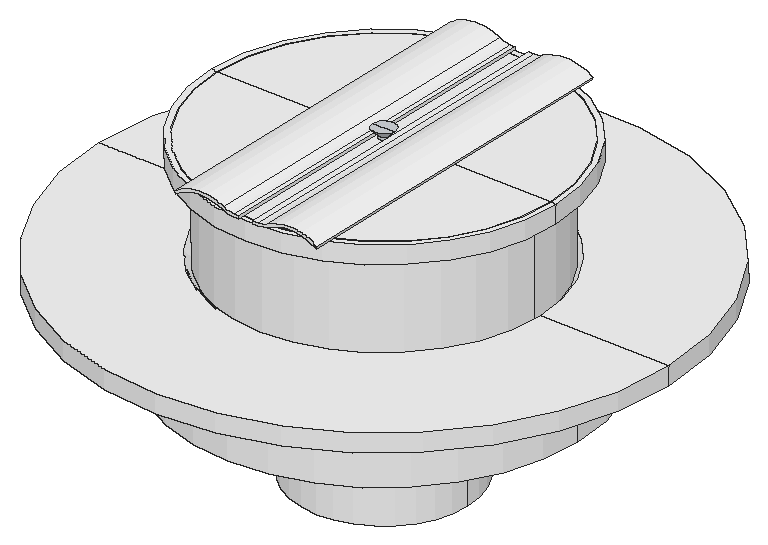
Revit family "C1100-RC", category Plumbing Fixtures, host Face, Revit 2026
Family settings
  Host = Face
  Round Connector Dimension = Use Radius
  Part Type = Normal
  Classification Number = 23.45.55.21
  Enable Cutting in Views = No
  Cut with Voids When Loaded = No
  Maintain Annotation Orientation = No
  Shared = No
  Room Calculation Point = No
Parameters (values of type "2"")
  WFU = 0
  URL = "WWW.MIFAB.COM"
  Top Assembly Height = 1.650"
  Strainer Radius = Stainer Diameter / 2  # 3.176"
  Stainer Diameter = 6.352"
  Pipe Radius = Pipe Diameter / 2  # 1.000"
  Pipe Diameter = 2.000"
  Model = "C1100-RC"
  Manufacturer = "MIFAB"
  Floor Drain Material = Paint - Sherwin Williams Paint - #952C2A - Bellwood Red
  Description = "FLOOR CLEANOUT WITH CARPET MARKER ROUND ADJUSTABLE COVER AND PLUG"
  Default Elevation = 0.000"
  Body Height = 2.750"
Types (4): name | Pipe Radius | Pipe Diameter
  (no name) | 1.000" | 2.000"
  3" | 1.500" | 3.000"
  2" | 1.000" | 2.000"
  4" | 2.000" | 4.000"
Reference planes (in)
  plane 1 "Center (Front/Back)": y = 0
  plane 2: z = 0
  plane 3 "Center (Left/Right)": x = 0
  plane 4: x = -3.176
  plane 5: x = 3.176
  plane 6: x = -1
  plane 7: x = 1
  plane 8: z = -4.4
  plane 9: z = -1.65
  plane 10: z = 0
  plane 11: z = 0
Forms (in)
  Revolve 1, solid, material "Paint - Sherwin Williams Paint - #952C2A - Bellwood Red" <- "Floor Drain Material"
    sketch origin (0, 0, 0) x (1, 0, 0) y (0, 0, 1)
      loop
        line (-2.12, -1.73) -> (-2.2, -1.65) -> (-4, -1.65) -> (-4, -1.9) -> (-2.73, -1.9) -> (-2.73, -3.05) -> (-2.5, -3.05) -> (-1.18, -3.4) -> (-1.18, -4.4) -> (-1, -4.4) -> (-1, -3.26151) -> (-2.32, -2.91151) -> (-2.32, -1.9) -> (-2.2, -1.9) -> (-2.12, -1.82) -> (-2.12, -1.73)
      axis (0, -4.4) -> (0, -1.65)
    angle from 0 to 360
  Revolve 2, solid, material "Paint - Sherwin Williams Paint - #952C2A - Bellwood Red" <- "Floor Drain Material"
    sketch origin (0, 0, 0) x (1, 0, 0) y (0, 0, 1)
      loop
        line (-2.34014, -0.16966) -> (-2.42014, -0.16966) -> (-2.42014, -0.41966) -> (-2.12014, -0.41966) -> (-2.12014, -1.99221) -> (-2.04014, -2.06966) -> (-1.97014, -2.06966) -> (-1.97014, -0.32966) -> (-2.34014, -0.32966) -> (-2.34014, -0.16966)
      axis (0, -0.16966) -> (0, -2.06966)
    angle from 0 to 360
  Revolve 3, solid
    sketch origin (0, 0, 0) x (1, 0, 0) y (0, 0, 1)
      loop
        line (0, -1.05366) -> (0, -0.05366) -> (-0.15, -0.05366) -> (-0.07, -0.13366) -> (-0.07, -1.05366) -> (0, -1.05366)
      axis (0, -0.05366) -> (0, -1.05366)
    angle from 0 to 360
  Revolve 4, solid, material "Paint - Sherwin Williams Paint - #952C2A - Bellwood Red" <- "Floor Drain Material"
    sketch origin (0, 0, 0) x (1, 0, 0) y (0, 0, 1)
      loop
        line (-2.34014, -0.16966) -> (-2.34014, -0.32966) -> (0, -0.32966) -> (0, -0.16966) -> (-2.34014, -0.16966)
      axis (0, -0.16966) -> (0, -0.32966)
    angle from 0 to 360
  Extrusion 5, solid, material "Paint - Sherwin Williams Paint - #952C2A - Bellwood Red" <- "Floor Drain Material"
    sketch origin (0, 0, 0.00021) x (1, 0, 0) y (0, 0, 1)
      loop
        arc (-0.30866, -0.09854) -> (-0.65918, -0.02053) -> (-1, -0.13366) r 0.67378
        line (-1, -0.13366) -> (-0.98889, -0.16966)
        arc (-0.98889, -0.16966) -> (-0.66275, -0.05678) -> (-0.32556, -0.13032) r 0.63778
        arc (-0.32556, -0.13032) -> (-0.24839, -0.15682) -> (-0.16781, -0.16966) r 0.47319
        line (-0.16781, -0.16966) -> (-0.1, -0.16966) -> (-0.1, -0.13366) -> (-0.16781, -0.13366)
        arc (-0.16781, -0.13366) -> (-0.24034, -0.12456) -> (-0.30866, -0.09854) r 0.30661
      loop
        arc (1, -0.13366) -> (0.65918, -0.02053) -> (0.30866, -0.09854) r 0.67378
        arc (0.30866, -0.09854) -> (0.24034, -0.12456) -> (0.16781, -0.13366) r 0.30661
        line (0.16781, -0.13366) -> (0.1, -0.13366) -> (0.1, -0.16966) -> (0.16781, -0.16966)
        arc (0.16781, -0.16966) -> (0.24839, -0.15682) -> (0.32556, -0.13032) r 0.47319
        arc (0.32556, -0.13032) -> (0.66275, -0.05678) -> (0.98889, -0.16966) r 0.63778
        line (0.98889, -0.16966) -> (1, -0.13366)
    from -2.41991 to 2.42019
Lines and regions (in)
  symbolic lines
    curve 1: circle (0, 0, 0) r 3.176 normal (0, 0, 1)
Dimensions and locks (in)
  equal spacing: plane 5, plane 3 "Center (Left/Right)", plane 4
  "Stainer Diameter": plane 5 to plane 4
  equal spacing: plane 7, plane 3 "Center (Left/Right)", plane 6
  "Pipe Diameter": plane 7 to plane 6
  locked: Revolve 1 sketch curve to Revolve 1 sketch curve at 0.25
  locked: Revolve 1 sketch curve to Revolve 1 sketch curve at 1.88
  locked: Revolve 1 sketch curve to Revolve 1 sketch curve at 0.41
  locked: Revolve 1 sketch curve to Revolve 1 sketch curve at 0.18  (x2)
  locked: Revolve 1 sketch curve to Revolve 1 sketch curve at 1.13849
  locked: Revolve 1 sketch curve to Revolve 1 sketch curve at 1.01151
  "Body Height": plane 9 to plane 8
  locked: Revolve 2 sketch curve to Revolve 2 sketch curve at 0.08
  locked: Revolve 2 sketch curve to Revolve 2 sketch curve at 1.74
  locked: Revolve 2 sketch curve to Revolve 2 sketch curve at 0.16
  locked: Revolve 2 sketch curve to Revolve 2 sketch curve at 0.15
  locked: Revolve 2 sketch curve to Revolve 2 sketch curve at 0.25
  locked: Revolve 1 sketch curve to Revolve 1 sketch curve at 4
  locked: Revolve 1 sketch curve to Revolve 1 sketch curve at 1
  locked: Revolve 1 sketch curve to Revolve 1 sketch curve at 1.15
  locked: Revolve 1 sketch curve to Revolve 1 sketch curve at 0.23
  locked: Revolve 1 sketch curve to Revolve 1 sketch curve at 2.73
  locked: Revolve 2 sketch curve to Revolve 2 sketch curve at 2.42014
  "Top Assembly Height": host face to plane 9
  "Strainer Radius": radius of curve 1
  aligned and locked: plane 2 to host face
  aligned and locked: level to host face
  aligned and locked: plane 1 "Center (Front/Back)" to curve 1
  aligned and locked: plane 3 "Center (Left/Right)" to curve 1
  aligned and locked: plane 3 "Center (Left/Right)" to Revolve 1 sketch curve
  aligned and locked: plane 6 to Revolve 1  (x2)
  aligned and locked: plane 7 to Revolve 1  (x2)
  aligned and locked: Revolve 3 sketch curve to plane 3 "Center (Left/Right)"  (x2)
  aligned and locked: plane 9 to Revolve 1
  aligned and locked: level to plane 10
  aligned and locked: level to plane 11
  aligned and locked: Revolve 2 sketch curve to plane 3 "Center (Left/Right)"
  aligned and locked: Revolve 4 sketch curve to plane 3 "Center (Left/Right)"
  aligned and locked: Revolve 4 sketch curve to Revolve 2  (x2)
  aligned and locked: Revolve 1 sketch curve to plane 6
Automatic sketch dimensions
  host sketch curve to host sketch curve = 96.000"  (x2)
  Revolve 2 sketch curve to plane 9 = 0.34221"
  plane 4 to Revolve 2 sketch curve = 1.05586"
  Revolve 2 sketch curve to Revolve 2 sketch curve = 0.080"
  Revolve 2 sketch curve to plane 9 = 0.350"
  level to Revolve 2 sketch curve = 1.750"
  Revolve 3 sketch curve to plane 3 "Center (Left/Right)" = 0.150"
  plane 9 to Revolve 3 sketch curve = 0.59634"
  Revolve 3 sketch curve to plane 9 = 0.000"
  Revolve 3 sketch curve to plane 3 "Center (Left/Right)" = 0.070"
  Revolve 3 sketch curve to level = 0.13366"
  Revolve 3 sketch curve to Revolve 3 sketch curve = 0.080"
  level to Revolve 3 sketch curve = 0.250"
  Revolve 2 sketch curve to plane 9 = 0.41966"
  Revolve 4 sketch curve to plane 3 "Center (Left/Right)" = 0.000"
  Revolve 4 sketch curve to Revolve 4 sketch curve = 0.30895"
  level to Revolve 4 sketch curve = 0.0889"
  Revolve 1 sketch curve to plane 9 = 0.000"
  plane 4 to Revolve 1 sketch curve = 0.976"
  Revolve 1 sketch curve to plane 9 = 0.170"
  Revolve 1 sketch curve to Revolve 1 sketch curve = 0.080"
  Revolve 1 sketch curve to plane 9 = 0.080"
  Revolve 1 sketch curve to plane 8 = 1.750"
  level to Revolve 1 sketch curve = 5.350"
  plane 4 to Revolve 4 sketch curve = 0.83586"
  Extrusion 5 sketch curve to Extrusion 5 sketch curve = 0.000"  (x6)
  plane 8 to Extrusion 5 sketch curve = 4.26655"  (x2)
  plane 5 to Extrusion 5 sketch curve = 4.176"
  plane 8 to Extrusion 5 sketch curve = 4.23055"  (x3)
  Extrusion 5 sketch curve to Extrusion 5 sketch curve = 0.01111"  (x2)
  Extrusion 5 sketch curve to Extrusion 5 sketch curve = 0.82108"  (x2)
  Extrusion 5 sketch curve to Extrusion 5 sketch curve = 0.06781"  (x2)
  Extrusion 5 sketch curve to Extrusion 5 sketch curve = 0.200"
  Extrusion 5 sketch curve to Extrusion 5 sketch curve = 0.36389"
  Extrusion 5 sketch curve to Extrusion 5 sketch curve = 0.15775"
  Extrusion 5 sketch curve to Extrusion 5 sketch curve = 0.0169"  (x2)
  Extrusion 5 sketch curve to Extrusion 5 sketch curve = 0.00165"
  Extrusion 5 sketch curve to Extrusion 5 sketch curve = 0.03226"  (x2)
  Extrusion 5 sketch curve to Extrusion 5 sketch curve = 0.26781"
  Extrusion 5 sketch curve to Extrusion 5 sketch curve = 0.14085"
  Extrusion 5 sketch curve to Extrusion 5 sketch curve = 0.29944"
  Extrusion 5 sketch curve to Extrusion 5 sketch curve = 0.036"  (x2)
  Extrusion 5 sketch curve to Extrusion 5 sketch curve = 0.52378"  (x2)
  Extrusion 5 sketch curve to level = 0.16945"
  plane 1 "Center (Front/Back)" to curve 1 = 0.000"
  curve 1 to plane 3 "Center (Left/Right)" = 0.000"
Connectors (in)
  piping at (0, 0, -4.4), diameter 2, driven by "Pipe Radius"
    settings: on Revolve 1, index 1, connector inside diameter 2", connector length 0.000", flow factor 0, pipe flow 0 GPM, pressure drop 0.00 psi, fitting loss kfactor 0, connector angle 0.00°, fixture units 0, engagement length 0.000", angle of deflection 0.00°, flow configuration 0, flow direction 0, fitting loss method 0, system type 7, joint type 0, gender type 0, connector reference index -1, connector utility 0, adjustable connector no, is connector primary yes, connector description ""
